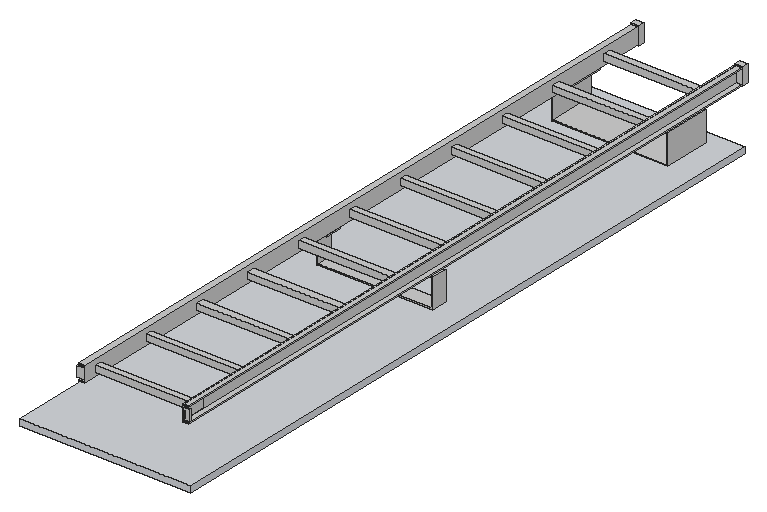
Revit family
Parameters (values of type "Standard")
  With Roof Hatch [instance] = no
  Wall To Center Line Of Ladder [instance] = 0' - 7"
  Version = "1"
  URL = "http://www.okeeffes.com/"
  Top of Decking [instance] = 10' - 3 1/2"
  Top Support Offset from Decking [instance] = 0' - 6 5/8"  # constant formula
  Series = "Access Ladders"
  Rungs Quantity Control [instance] = if(Top of Decking - Off Floor Clearance - 0' 1 1/4" - ((Rungs Quantity - 1) * 1' 0") > 1' 2", Rungs Quantity + 1, Rungs Quantity)  # 11
  Rungs Quantity [instance] = (Top of Decking - Off Floor Clearance) / 1' 0"  # 10
  Roof Hatch Base Height [instance] = 1' - 0"
  Product Page URL = "http://www.okeeffes.com/ladders/details/lad500.pdf"
  Overall Width [instance] = Ladder Width + (0' 1 3/4" * 2)  # 1' - 9 7/8"
  Overall Length [instance] = Wall To Center Line Of Ladder + 0' 1 1/2"  # 0' - 8 1/2"
  Overall Height [instance] = Top of Decking + 0' 8"  # 10' - 11 1/2"
  On Floor Support [instance] = not(Off Floor Support)  # yes
  Bottom Support Offset from Floor [instance] = 1' - 4"
  Off Floor Support [instance] = no
  Model = "500"
  Middle Support Offset from Floor [instance] = if(Off Floor Support, (Top of Decking - Top Support Offset from Decking + Bottom Support Offset from Floor) / 2, (Top of Decking - Top Support Offset from Decking) / 2)  # 4' - 10 7/16"
  Manufacturer = "O'Keeffe's, Inc."  # constant formula
  Off Floor Clearance [instance] = if(Off Floor Support, 0' 4", 0' 0")  # 0' - 0"
  Ladder Width [instance] = 1' - 6 3/8"
  Ladder Material = Aluminum-O'Keeffe's-Standard Mill Finish
  Description = "Standard Duty Channel Rail - Fixed Access Aluminum Ladder"
  Default Elevation = 0' - 0"
  Assembly Code = "B1010700"
Reference planes (in)
  plane 1 "Upper Tread": y = 67.1914996
  plane 2: z = 0
  plane 3 "Center (Left/Right)": x = 0
  plane 4: x = -9.1875
  plane 5: x = 9.1875
  plane 6: x = 10.9375
  plane 7: x = -10.9375
  plane 8: z = 7
  plane 9 "Bottom": y = -56.3085004
  plane 10: y = 75.1914996
  plane 11: z = 8.5
  plane 12: z = 5.5
  plane 13: z = 8.5
  plane 14: y = 60.5664996
  plane 15: y = 2.1289996
  plane 16 "Roof Hatch": y = 79.1914996
  plane 17: y = 75.3789996
  plane 18: z = 5.5
  plane 19: x = -10.75
  plane 20: x = 10.75
  plane 21: z = 5.3125
  plane 22: z = 0.1875
  plane 23: x = -9.0625
  plane 24: x = 9.0625
  plane 25: y = -40.3085004
  plane 26: z = 5.5
  plane 27: x = -10.75
  plane 28: x = 10.75
  plane 29: z = 5.3125
  plane 30: z = 0.1875
  plane 31: x = -9.0625
  plane 32: x = 9.0625
  plane 33: z = 5.5
  plane 34: x = -10.75
  plane 35: x = 10.75
  plane 36: z = 5.3125
  plane 37: z = 0.1875
  plane 38: x = -9.0625
  plane 39: x = 9.0625
  plane 40: y = -56.3085004
Forms (in)
  Extrusion 1, solid
    sketch origin (0, 0, 0) x (1, 0, 0) y (0, 1, 0)
      loop
        line (-16.1622303, 67.6914996) -> (-16.1622303, -62.9695548) -> (16.1622303, -62.9695548) -> (16.1622303, 67.6914996) -> (-16.1622303, 67.6914996)
    from 0 to -1.1615164
  Sweep 2, solid, material "Aluminum-O'Keeffe's-Standard Mill Finish" <- "Ladder Material"
    path origin (0, 0, 0) x (1, 0, 0) y (0, 1, 0)
      loop
        line (0, 75.1914996) -> (0, -56.3085004)
    profile origin (0, 9.4414996, 0) x (1, 0, 0) y (0, 0, 1)
      loop
        line (9.1875, 8.5) -> (9.1875, 5.5) -> (10.4375, 5.5) -> (10.4375, 5.625) -> (9.3125, 5.625) -> (9.3125, 8.375) -> (10.4375, 8.375) -> (10.4375, 8.5) -> (9.1875, 8.5)
      loop
        line (-9.1875, 8.5) -> (-10.4375, 8.5) -> (-10.4375, 8.375) -> (-9.3125, 8.375) -> (-9.3125, 5.625) -> (-10.4375, 5.625) -> (-10.4375, 5.5) -> (-9.1875, 5.5) -> (-9.1875, 8.5)
  Extrusion 3, solid, material "Aluminum-O'Keeffe's-Standard Mill Finish" <- "Ladder Material", detail levels fine
    sketch origin (0, 75.1914996, 0) x (-1, 0, 0) y (0, 0, 1)
      loop
        line (-10.5625, 5.375) -> (-9.0625, 5.375) -> (-9.0625, 8.625) -> (-10.5625, 8.625) -> (-10.5625, 5.375)
      loop
        line (10.5625, 5.375) -> (10.5625, 8.625) -> (9.0625, 8.625) -> (9.0625, 5.375) -> (10.5625, 5.375)
    from 0.1875 to -1
  Sweep 4, solid, material "Aluminum-O'Keeffe's-Standard Mill Finish", visible <- "On Floor Support", detail levels medium+fine
    path origin (0, -52.3085004, 0) x (-1, 0, 0) y (0, 0, 1)
      loop
        line (0, 6) -> (0, 8)
    profile origin (0, -52.3085004, 7) x (1, 0, 0) y (0, 1, 0)
      loop
        line (9.3125, 0.5) -> (9.3125, -4) -> (10.6875, -4) -> (10.6875, -3.8125) -> (9.625, -3.8125)
        arc (9.625, -3.8125) -> (9.5366117, -3.7758883) -> (9.5, -3.6875) r 0.125
        line (9.5, -3.6875) -> (9.5, 0.5) -> (9.3125, 0.5)
      loop
        line (-9.3125, 0.5) -> (-9.5, 0.5) -> (-9.5, -3.6875)
        arc (-9.5, -3.6875) -> (-9.5366117, -3.7758883) -> (-9.625, -3.8125) r 0.125
        line (-9.625, -3.8125) -> (-10.6875, -3.8125) -> (-10.6875, -4) -> (-9.3125, -4) -> (-9.3125, 0.5)
  Sweep 5, solid, material "Aluminum-O'Keeffe's-Standard Mill Finish" <- "Ladder Material"
    path origin (0, 0, 0) x (1, 0, 0) y (0, 1, 0)
      loop
        line (0, 56.0664996) -> (0, 65.0664996)
    profile origin (0, 60.5664996, 0) x (-1, 0, 0) y (0, 0, 1)
      loop
        line (10.9375, 5.5) -> (9.0625, 5.5) -> (9.0625, 5.3125) -> (10.75, 5.3125) -> (10.75, 0.1875) -> (-10.75, 0.1875) -> (-10.75, 5.3125) -> (-9.0625, 5.3125) -> (-9.0625, 5.5) -> (-10.9375, 5.5) -> (-10.9375, 0) -> (10.9375, 0) -> (10.9375, 5.5)
  Sweep 6, solid, material "Aluminum-O'Keeffe's-Standard Mill Finish" <- "Ladder Material", visible <- "Off Floor Support"
    path origin (0, -85.53125, 0) x (1, 0, 0) y (0, 1, 0)
      loop
        line (0, 40.7227496) -> (0, 49.7227496)
    profile origin (0, -40.3085004, 0) x (-1, 0, 0) y (0, 0, 1)
      loop
        line (10.9375, 5.5) -> (9.0625, 5.5) -> (9.0625, 5.3125) -> (10.75, 5.3125) -> (10.75, 0.1875) -> (-10.75, 0.1875) -> (-10.75, 5.3125) -> (-9.0625, 5.3125) -> (-9.0625, 5.5) -> (-10.9375, 5.5) -> (-10.9375, 0) -> (10.9375, 0) -> (10.9375, 5.5)
  Sweep 7, solid, material "Aluminum-O'Keeffe's-Standard Mill Finish" <- "Ladder Material"
    path origin (0, -40, 0) x (1, 0, 0) y (0, 1, 0)
      loop
        line (0, 40.6289996) -> (0, 43.6289996)
    profile origin (0, 2.1289996, 0) x (-1, 0, 0) y (0, 0, 1)
      loop
        line (10.9375, 5.5) -> (9.0625, 5.5) -> (9.0625, 5.3125) -> (10.75, 5.3125) -> (10.75, 0.1875) -> (-10.75, 0.1875) -> (-10.75, 5.3125) -> (-9.0625, 5.3125) -> (-9.0625, 5.5) -> (-10.9375, 5.5) -> (-10.9375, 0) -> (10.9375, 0) -> (10.9375, 5.5)
Lines and regions (in)
  Masking region 1
    outline origin (0, 67.1914996, 0) x (1, 0, 0) y (0, 0, 1)
      loop
        line (-9.0625, 5.375) -> (-9.0625, 6.375) -> (9.0625, 6.375) -> (9.0625, 5.375) -> (10.5625, 5.375) -> (10.5625, 8.625) -> (9.0625, 8.625) -> (9.0625, 7.625) -> (-9.0625, 7.625) -> (-9.0625, 8.625) -> (-10.5625, 8.625) -> (-10.5625, 5.375) -> (-9.0625, 5.375)
  Masking region 2
    outline origin (-30.213032, 60.5664996, 48) x (-1, 0, 0) y (0, 0, 1)
      loop
        line (-39.400532, -42.6875) -> (-39.400532, -42.5) -> (-41.150532, -42.5) -> (-41.150532, -48) -> (-19.275532, -48) -> (-19.275532, -42.5) -> (-21.025532, -42.5) -> (-21.025532, -42.6875) -> (-19.463032, -42.6875) -> (-19.463032, -47.8125) -> (-40.963032, -47.8125) -> (-40.963032, -42.6875) -> (-39.400532, -42.6875)
  symbolic lines, detail levels medium+fine
    curve 1: line (-9.0625, 60.5664996, 7.625) -> (-9.0625, 60.5664996, 6.375)
    curve 2: line (9.0625, 60.5664996, 7.625) -> (9.0625, 60.5664996, 6.375)
Dimensions and locks (in)
  equal spacing: plane 4, plane 3 "Center (Left/Right)", plane 5
  "Ladder Width": plane 4 to plane 5
  "Wall To Center Line Of Ladder": plane 8 to Extrusion 1
  equal spacing: plane 12, plane 8, plane 11
  locked: plane 10 to plane 1 "Upper Tread" at 8
  locked: Sweep 2 to Extrusion 3 sketch curve at 0.125  (x2)
  locked: Extrusion 3 sketch curve to Sweep 2 at 0.125  (x3)
  locked: plane 5 to Extrusion 3 sketch curve at 0.125
  "Roof Hatch Base Height": plane 16 "Roof Hatch" to plane 1 "Upper Tread"
  Sweep 4 sketch curve to plane 8 to Sweep 4 sketch curve = 0' - 1" locked, 0' - 1" locked
  locked: plane 5 to Sweep 4 sketch curve at 0.3125
  locked: Sweep 4 sketch curve to plane 4 at 0.3125
  "Bottom Support Offset from Floor": plane 9 "Bottom" to plane 25
  locked: plane 17 to plane 10 at 0.1875
  equal spacing: Sweep 5 sketch curve, plane 14, Sweep 5 sketch curve
  locked: Sweep 5 sketch curve to Sweep 5 sketch curve at 9
  locked: plane 8 to plane 18 at 1.5
  equal spacing: plane 20, plane 3 "Center (Left/Right)", plane 19
  locked: plane 19 to plane 7 at 0.1875
  locked: plane 22 to plane 2 at 0.1875
  locked: plane 18 to plane 21 at 0.1875
  locked: plane 23 to plane 7 at 1.875
  equal spacing: plane 24, plane 3 "Center (Left/Right)", plane 23
  locked: Sweep 6 sketch curve to Sweep 6 sketch curve at 9
  locked: plane 26 to plane 29 at 0.1875
  locked: plane 33 to plane 36 at 0.1875
  equal spacing: Sweep 7 sketch curve, plane 15, Sweep 7 sketch curve
  locked: Sweep 7 sketch curve to Sweep 7 sketch curve at 3
  equal spacing: plane 39, plane 3 "Center (Left/Right)", plane 38
  locked: plane 38 to plane 7 at 1.875
  locked: plane 37 to plane 2 at 0.1875
  locked: plane 8 to plane 33 at 1.5
  locked: plane 34 to plane 7 at 0.1875
  equal spacing: Sweep 6 sketch curve, plane 25, Sweep 6 sketch curve
  locked: plane 8 to plane 26 at 1.5
  locked: plane 30 to plane 2 at 0.1875
  locked: plane 31 to plane 7 at 1.875
  equal spacing: plane 32, plane 3 "Center (Left/Right)", plane 31
  equal spacing: plane 28, plane 3 "Center (Left/Right)", plane 27
  locked: plane 27 to plane 7 at 0.1875
  "Overall Length": plane 13 to plane 2
  "Top of Decking": plane 1 "Upper Tread" to plane 9 "Bottom"
  "Off Floor Clearance": plane 40 to plane 9 "Bottom"
  locked: Sweep 4 sketch curve to plane 9 "Bottom" at 0.1875
  locked: Sweep 4 sketch curve to plane 9 "Bottom" at 4.5
  locked: plane 6 to plane 35 at 0.1875
  equal spacing: group 11, group 10, group 9, group 8, group 7, group 6, group 5, group 4, group 3, group 2, group 1  (x2)
  equal spacing: group 1, group 2, group 3, group 4, group 5, group 6, group 7, group 8, group 9, group 10, group 11
  locked: nested 3 to plane 1 "Upper Tread" at 12
  "Top Support Offset from Decking": plane 14 to plane 1 "Upper Tread"
  "Middle Support Offset from Floor": plane 9 "Bottom" to plane 15
  locked: plane 8 to Masking region 1 sketch curve at 0.625
  plane 40 to nested 11 = 1' - 2 1/4"
  locked: plane 7 to plane 4 at 1.75
  locked: plane 5 to plane 6 at 1.75
  aligned and locked: plane 2 to Extrusion 1
  aligned and locked: level to Extrusion 1
  aligned and locked: Sweep 2 sketch curve to plane 3 "Center (Left/Right)"
  aligned and locked: plane 10 to Sweep 2 sketch curve
  aligned and locked: Sweep 2 sketch curve to plane 5
  aligned and locked: Sweep 2 sketch curve to plane 4
  aligned and locked: plane 13 to Sweep 2  (x2)
  aligned and locked: Extrusion 3 sketch curve to Extrusion 3 sketch curve  (x2)
  aligned and locked: nested 1 to plane 3 "Center (Left/Right)"
  aligned and locked: plane 16 "Roof Hatch" to nested 1
  aligned and locked: Extrusion 1 to nested 1
  aligned and locked: Sweep 4 sketch curve to plane 3 "Center (Left/Right)"
  aligned and locked: Sweep 4 sketch curve to Sweep 2
  aligned and locked: Sweep 2 to Sweep 4 sketch curve
  aligned and locked: plane 3 "Center (Left/Right)" to Sweep 5 sketch curve
  aligned and locked: plane 7 to Sweep 5 sketch curve
  aligned and locked: Sweep 5 sketch curve to plane 6
  aligned and locked: plane 2 to Sweep 5 sketch curve
  aligned and locked: plane 18 to Sweep 5 sketch curve  (x2)
  aligned and locked: Sweep 5 sketch curve to plane 21  (x2)
  aligned and locked: Sweep 5 sketch curve to plane 20
  aligned and locked: Sweep 5 sketch curve to plane 22
  aligned and locked: plane 19 to Sweep 5 sketch curve
  aligned and locked: Sweep 5 sketch curve to plane 23
  aligned and locked: plane 24 to Sweep 5 sketch curve
  aligned and locked: plane 26 to Sweep 6 sketch curve  (x2)
  aligned and locked: Sweep 6 sketch curve to plane 29  (x2)
  aligned and locked: Sweep 6 sketch curve to plane 28
  aligned and locked: Sweep 6 sketch curve to plane 30
  aligned and locked: plane 27 to Sweep 6 sketch curve
  aligned and locked: Sweep 6 sketch curve to plane 31
  aligned and locked: plane 32 to Sweep 6 sketch curve
  aligned and locked: plane 33 to Sweep 7 sketch curve  (x2)
  aligned and locked: Sweep 7 sketch curve to plane 36  (x2)
  aligned and locked: Sweep 7 sketch curve to plane 35
  aligned and locked: Sweep 7 sketch curve to plane 37
  aligned and locked: plane 34 to Sweep 7 sketch curve
  aligned and locked: Sweep 7 sketch curve to plane 38
  aligned and locked: plane 39 to Sweep 7 sketch curve
  aligned and locked: plane 7 to Sweep 7 sketch curve
  aligned and locked: plane 2 to Sweep 7 sketch curve
  aligned and locked: Sweep 7 sketch curve to plane 6
  aligned and locked: plane 2 to Sweep 6 sketch curve
  aligned and locked: plane 7 to Sweep 6 sketch curve
  aligned and locked: Sweep 6 sketch curve to plane 6
  aligned and locked: Sweep 4 sketch curve to Sweep 4 sketch curve  (x2)
  aligned and locked: plane 40 to Sweep 2 sketch curve
  aligned and locked: nested 2 to plane 1 "Upper Tread"
  aligned and locked: Masking region 1 sketch curve to Extrusion 3  (x8)
  aligned and locked: nested 11 to Masking region 1 sketch curve
  aligned and locked: Extrusion 3 to curve 1
  aligned and locked: Extrusion 3 to curve 2
  aligned and locked: plane 8 to nested 2
  aligned and locked: plane 8 to nested 11
  aligned and locked: Masking region 2 sketch curve to plane 5
  aligned and locked: Masking region 2 sketch curve to Sweep 2
  aligned and locked: Masking region 2 sketch curve to Sweep 5  (x6)
  aligned and locked: Masking region 2 sketch curve to plane 2
  aligned and locked: Sweep 5 to Masking region 2 sketch curve  (x2)
  aligned and locked: Masking region 2 sketch curve to plane 4
  aligned and locked: plane 3 "Center (Left/Right)" to nested 2
  aligned and locked: plane 3 "Center (Left/Right)" to nested 12
Automatic sketch dimensions
  Extrusion 1 sketch curve to Extrusion 1 sketch curve = 2' - 8.32446"
  Extrusion 1 sketch curve to Extrusion 1 sketch curve = 10' - 10.66105"
  Sweep 6 sketch curve to plane 3 "Center (Left/Right)" = 0' - 0"
  Sweep 7 sketch curve to plane 3 "Center (Left/Right)" = 0' - 0"
  Sweep 2 sketch curve to plane 12 = 0' - 0"  (x2)
  Sweep 2 sketch curve to plane 11 = 0' - 0"  (x2)
  Sweep 2 sketch curve to Sweep 2 sketch curve = 0' - 0 1/8"  (x2)
  Sweep 2 sketch curve to Sweep 2 sketch curve = 0' - 1 1/8"  (x4)
  Sweep 2 sketch curve to plane 11 = 0' - 0 1/8"  (x2)
  plane 12 to Sweep 2 sketch curve = 0' - 0 1/8"  (x2)
  plane 4 to Masking region 1 sketch curve = 0' - 0 1/8"
  Masking region 1 sketch curve to plane 5 = 0' - 0 1/8"
  Sweep 4 sketch curve to Sweep 4 sketch curve = 0' - 0 1/8"  (x2)
  Sweep 4 sketch curve to Sweep 4 sketch curve = 0' - 1 1/16"  (x2)
  Sweep 4 sketch curve to Sweep 4 sketch curve = 0' - 0 3/16"  (x2)
  curve 1 to plane 8 = 0' - 0 5/8"
  curve 2 to plane 8 = 0' - 0 5/8"
  plane 8 to curve 2 = 0' - 0 5/8"
  plane 8 to curve 1 = 0' - 0 5/8"
Nested families (in)
  nested 1: "Roof_Hatch-O'Keeffe's" at (0, 79.1914996, 15.7180362) x (-1, 0, 0) z (0, 1, 0), visible <- "With Roof Hatch", type "Standard"
  nested 2: "Ladder-O'Keeffe's-Rung" at (0, 66.5664996, 6.375), Tread Material <- "Ladder Material", type "Standard"
    with Tread Material Aluminum-O'Keeffe's-Standard Mill Finish, Width 1' - 6 3/8"
  nested 3: "Ladder-O'Keeffe's-Rung" at (0, 54.5664996, 6.375), Tread Material <- "Ladder Material", type "Standard"
    with Tread Material Aluminum-O'Keeffe's-Standard Mill Finish, Width 1' - 6 3/8"
  nested 4: "Ladder-O'Keeffe's-Rung" at (0, 42.5664996, 6.375), Tread Material <- "Ladder Material", type "Standard"
    with Tread Material Aluminum-O'Keeffe's-Standard Mill Finish, Width 1' - 6 3/8"
  nested 5: "Ladder-O'Keeffe's-Rung" at (0, 30.5664996, 6.375), Tread Material <- "Ladder Material", type "Standard"
    with Tread Material Aluminum-O'Keeffe's-Standard Mill Finish, Width 1' - 6 3/8"
  nested 6: "Ladder-O'Keeffe's-Rung" at (0, 18.5664996, 6.375), Tread Material <- "Ladder Material", type "Standard"
    with Tread Material Aluminum-O'Keeffe's-Standard Mill Finish, Width 1' - 6 3/8"
  nested 7: "Ladder-O'Keeffe's-Rung" at (0, 6.5664996, 6.375), Tread Material <- "Ladder Material", type "Standard"
    with Tread Material Aluminum-O'Keeffe's-Standard Mill Finish, Width 1' - 6 3/8"
  nested 8: "Ladder-O'Keeffe's-Rung" at (0, -5.4335004, 6.375), Tread Material <- "Ladder Material", type "Standard"
    with Tread Material Aluminum-O'Keeffe's-Standard Mill Finish, Width 1' - 6 3/8"
  nested 9: "Ladder-O'Keeffe's-Rung" at (0, -17.4335004, 6.375), Tread Material <- "Ladder Material", type "Standard"
    with Tread Material Aluminum-O'Keeffe's-Standard Mill Finish, Width 1' - 6 3/8"
  nested 10: "Ladder-O'Keeffe's-Rung" at (0, -29.4335004, 6.375), Tread Material <- "Ladder Material", type "Standard"
    with Tread Material Aluminum-O'Keeffe's-Standard Mill Finish, Width 1' - 6 3/8"
  nested 11: "Ladder-O'Keeffe's-Rung" at (0, -41.4335004, 6.375), Tread Material <- "Ladder Material", type "Standard"
    with Tread Material Aluminum-O'Keeffe's-Standard Mill Finish, Width 1' - 6 3/8"
  nested 12: "Ladder-O'Keeffe's-Rung" at (0, -53.4335004, 6.375), Tread Material <- "Ladder Material", type "Standard"
    with Tread Material Aluminum-O'Keeffe's-Standard Mill Finish, Width 1' - 6 3/8"
Definition of nested family "Roof_Hatch-O'Keeffe's"
  Parameters (values of type "Standard")
    Roof Hatch Material = none
    Roof Hatch Base Height = 1' - 0"
    Default Elevation = 4' - 0"
    Assembly Code = ""
  Reference planes (in)
    plane 1 "Center (Front/Back)": y = 0
    plane 2: z = 0
    plane 3 "Center (Left/Right)": x = 0
    plane 4: x = -15
    plane 5: x = 15
    plane 6: y = 18
    plane 7: y = -18
    plane 8: z = 2.5262932
    plane 9: z = -12
    plane 10: x = -13.8802664
    plane 11: y = 16.8802664
    plane 12: x = 13.8802664
    plane 13: y = -16.8802664
  Forms (in)
    Sweep 1, solid, material <- "Roof Hatch Material"
      path origin (0, -0.1781136, 0) x (1, 0, 0) y (0, 1, 0)
        loop
          line (-15, 18.1781136) -> (-15, -17.8218864) -> (15, -17.8218864) -> (15, 18.1781136) -> (-15, 18.1781136)
      profile origin (-15, 0, 0) x (-1, 0, 0) y (0, 0, 1)
        loop
          line (-0.6127901, -1.9737687) -> (-0.3881777, -2.1983811) -> (-0.3218864, -2.1983811) -> (-0.5695336, -1.9507339) -> (-0.5695336, -0.5939269) -> (0, -0.5939269) -> (0, 2.5262932) -> (-14.75, 2.5262932) -> (-14.75, 0) -> (-2.4067638, 0) -> (-2.4067638, -1.3072473)
          arc (-2.4067638, -1.3072473) -> (-2.3856755, -1.358159) -> (-2.3347638, -1.3792473) r 0.072
          line (-2.3347638, -1.3792473) -> (-2.2819638, -1.3792473) -> (-2.2819638, -0.4275869) -> (-1.1197336, -0.4275869) -> (-1.1197336, -1.9737687) -> (-0.6127901, -1.9737687)
    Sweep 2, solid, material <- "Roof Hatch Material"
      path origin (0, 0, 0) x (1, 0, 0) y (0, 1, 0)
        loop
          line (-13.8802664, 16.8802664) -> (-13.8802664, -16.8802664) -> (13.8802664, -16.8802664) -> (13.8802664, 16.8802664) -> (-13.8802664, 16.8802664)
      profile origin (-13.8802664, 0, 0) x (-1, 0, 0) y (0, 0, 1)
        loop
          line (0, 0) -> (-1.1622303, 0) -> (-1.1622303, -12) -> (0, -12) -> (0, 0)
    Extrusion 3, solid, material <- "Roof Hatch Material"
      sketch origin (0, 0, 0) x (1, 0, 0) y (0, 0, 1)
        loop
          line (-0.25, 2.5262932) -> (-0.25, 0) -> (0.25, 0) -> (0.25, 2.5262932) -> (-0.25, 2.5262932)
      from -3.25 to 3.25
  Cuts and joins
    joined: Sweep 1, Extrusion 3
  Lines and regions (in)
    symbolic lines, style "GenericModelHiddenLines"
      curve 1: line (15, 18, 2.5262932) -> (-15, 18, 2.5262932)
      curve 2: line (-15, 18, 2.5262932) -> (-15, -18, 2.5262932)
      curve 3: line (15, -18, 2.5262932) -> (15, 18, 2.5262932)
      curve 4: line (-15, -18, 2.5262932) -> (15, -18, 2.5262932)
  Dimensions and locks (in)
    locked: Sweep 1 sketch curve to Sweep 1 sketch curve at 30
    equal spacing: plane 4, plane 3 "Center (Left/Right)", plane 5
    equal spacing: plane 6, plane 1 "Center (Front/Back)", plane 7, locked at 18 each
    locked: plane 4 to plane 5 at 30
    locked: plane 6 to plane 7 at 36
    locked: Sweep 1 sketch curve to Sweep 1 sketch curve at 36
    locked: plane 3 "Center (Left/Right)" to Sweep 1 sketch curve at 0.25
    locked: plane 8 to level at 2.5262932
    "Roof Hatch Base Height": level to plane 9
    locked: plane 12 to plane 5 at 1.1197336
    locked: plane 4 to plane 10 at 1.1197336
    locked: plane 6 to plane 11 at 1.1197336
    locked: plane 7 to plane 13 at 1.1197336
    equal spacing: Extrusion 3 sketch curve, plane 3 "Center (Left/Right)", Extrusion 3 sketch curve, locked at 0.25 each
    aligned and locked: plane 2 to level
    aligned and locked: profile plane to plane 4
    aligned: plane 6 to Sweep 1
    aligned and locked: Sweep 1 sketch curve to plane 6
    aligned and locked: Sweep 1 sketch curve to plane 5
    aligned and locked: plane 6 to curve 1
    aligned and locked: curve 2 to plane 4
    aligned and locked: curve 4 to plane 7
    aligned and locked: plane 5 to curve 3
    aligned and locked: plane 4 to Sweep 1 sketch curve
    aligned and locked: profile plane to plane 2
    aligned and locked: profile plane to Sweep 1 sketch curve
    aligned and locked: Sweep 1 sketch curve to plane 8
    aligned and locked: plane 10 to Sweep 2 sketch curve
    aligned and locked: plane 12 to Sweep 2 sketch curve
    aligned and locked: Sweep 2 sketch curve to plane 11
    aligned and locked: Sweep 2 sketch curve to plane 13
    aligned and locked: profile plane to plane 10
    aligned and locked: profile plane to Sweep 2 sketch curve
    aligned and locked: plane 9 to Sweep 2 sketch curve
    aligned and locked: Sweep 2 sketch curve to profile plane
    aligned and locked: Sweep 2 sketch curve to Sweep 1
    aligned and locked: Extrusion 3 sketch curve to plane 8
    aligned and locked: level to Extrusion 3 sketch curve
    aligned and locked: Extrusion 3 to Sweep 1  (x3)
  Automatic sketch dimensions
    profile plane to Sweep 1 sketch curve = 0' - 2.33476"
    Sweep 1 sketch curve to level = 0' - 1.97377"
    Sweep 1 sketch curve to Sweep 1 sketch curve = 0' - 0.50694"
    Sweep 1 sketch curve to Sweep 1 sketch curve = 0' - 0.18136"
    Sweep 1 sketch curve to Sweep 1 sketch curve = 0' - 0.06629"
    Sweep 1 sketch curve to Sweep 1 sketch curve = 0' - 0.02303"
    Sweep 1 sketch curve to Sweep 1 sketch curve = 0' - 1.35681"
    profile plane to Sweep 1 sketch curve = 0' - 1.11973"
    Sweep 1 sketch curve to Sweep 1 sketch curve = 0' - 0.1248"
    Sweep 1 sketch curve to Sweep 1 sketch curve = 0' - 0.42759"
    Sweep 1 sketch curve to Sweep 1 sketch curve = 0' - 0.072"
    Sweep 1 sketch curve to Sweep 1 sketch curve = 0' - 0.04326"
    Sweep 1 sketch curve to Sweep 1 sketch curve = 0' - 1.30725"
    Sweep 1 sketch curve to level = 0' - 2.19838"
    Extrusion 3 sketch curve to plane 3 "Center (Left/Right)" = 0' - 0 1/4"
Definition of nested family "Ladder-O'Keeffe's-Rung"
  Parameters (values of type "Standard")
    Width = 1' - 6"
    Tread Material [instance] = none
    Default Elevation = 4' - 0"
    Assembly Code = ""
  Reference planes (in)
    plane 1 "Center (Front/Back)": y = 0
    plane 2: z = 0
    plane 3 "Center (Left/Right)": x = 0
    plane 4: y = 0.625
    plane 5: y = -0.625
    plane 6: x = -9
    plane 7: x = 9
    plane 8: z = 1.25
    plane 9: z = 0.625
  Forms (in)
    Sweep 1, solid, material <- "Tread Material"
      path origin (0, 0, 0) x (1, 0, 0) y (0, 1, 0)
        loop
          line (-9, 0) -> (9, 0)
      profile origin (0, 0, 0) x (0, 1, 0) y (0, 0, 1)
        loop
          line (0.625, 1.25) -> (-0.625, 1.25) -> (-0.625, 0) -> (0.625, 0) -> (0.625, 1.25)
  Dimensions and locks (in)
    equal spacing: plane 6, plane 3 "Center (Left/Right)", plane 7
    "Width": plane 6 to plane 7
    locked: plane 8 to plane 2 at 1.25
    equal spacing: plane 4, plane 1 "Center (Front/Back)", plane 5
    locked: plane 4 to plane 5 at 1.25
    equal spacing: plane 8, plane 9, level, locked at 0.625 each
    aligned and locked: plane 2 to level
    aligned and locked: plane 6 to Sweep 1 sketch curve
    aligned and locked: plane 7 to Sweep 1 sketch curve
    aligned and locked: plane 1 "Center (Front/Back)" to Sweep 1 sketch curve
    aligned and locked: profile plane to Sweep 1 sketch curve
    aligned and locked: Sweep 1 sketch curve to plane 8
  Automatic sketch dimensions
    profile plane to Sweep 1 sketch curve = 0' - 0 5/8"
    Sweep 1 sketch curve to profile plane = 0' - 0 5/8"
